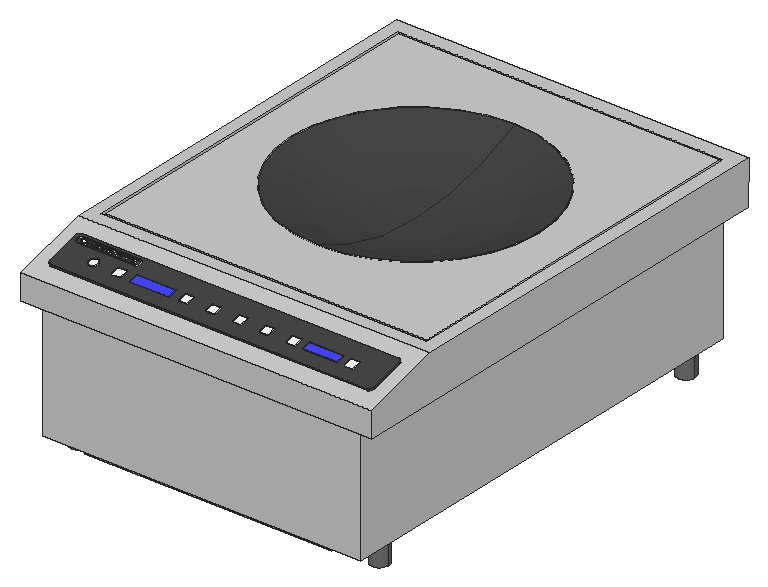
Revit family "QF_ADVENTYS_BWIC_3000_250902032202", category Specialty Equipment, Revit 2021
Family settings
  Round Connector Dimension = Use Diameter
  Part Type = Normal
  OmniClass Number = 23.40.40.14
  OmniClass Title = Food Service Equipment
  Work Plane-Based = No
  Always vertical = Yes
  Cut with Voids When Loaded = No
  Shared = No
  Room Calculation Point = No
Parameters (values of type "ADV2147")
  Weight in Pounds [instance] = 0
  Weight = 10.00 kg
  Warranty Start Date [instance] = ""
  Warranty Duration [instance] = ""
  Volts [instance] = 230 V
  URL Recommended Spares List = ""
  URL Manufacturer = ""
  URL Cutsheet = ""
  URL Critical Spares List = ""
  URL = "www.adventys.com"
  Tag Number [instance] = ""
  Status [instance] = ""
  Specification by User [instance] = ""
  Specification by Manufacturer [instance] = ""
  Sound Level [instance] = ""
  Solid Fuel Type [instance] = ""
  Service Life Duration [instance] = ""
  Serial Number [instance] = ""
  Seismic Rating [instance] = ""
  SMACNA No [instance] = ""
  Revision Code [instance] = ""
  Revision [instance] = ""
  Production Year [instance] = ""
  Point Load [instance] = 0
  Phase [instance] = 1
  Other Equipment Approvals [instance] = ""
  Number of Poles [instance] = 2
  NAFEM Spec ID Number [instance] = ""
  Model Warning [instance] = ""
  Model = "BWIC 3000"
  Min Ckt Ampacity [instance] = 0 A
  Max Overcurrent Protection [instance] = 16 A
  Masterspec [instance] = ""
  Manufacturer = "ADVENTYS"
  Length Actual = 392 mm
  Item Number [instance] = ""
  Installed By [instance] = ""
  Installation Date [instance] = ""
  Identify Quantity as Lot [instance] = no
  ID [instance] = ""
  Hygiene Approval [instance] = ""
  Hot Water Consumption = 0.0 L/s
  Height Actual = 206 mm
  HP power [instance] = ""
  Furnished By [instance] = ""
  Foodservice Equipment Identifier [instance] = no
  FL Amps [instance] = 13 A
  Electrical Remarks [instance] = "Plug not included"
  Electric power [instance] = 0 W
  Electric Connection Type [instance] = "Cord&Plug"
  Elec Conn RI Height [instance] = 0 mm
  Elec Conn Connection Height [instance] = 0 mm
  ETL Approved [instance] = no
  Description = "FREE-STANDING INDUCTION WOK"
  Depth Actual = 526 mm
  Default Elevation = 0 mm
  Cycle [instance] = 50 Hz
  Cost = 2215
  Conn Plug [instance] = ""
  Conn Conduit [instance] = no
  CSI MasterFormat [instance] = ""
  CE Approved [instance] = no
  Barcode [instance] = 0
  Author [instance] = ""
  Asset Identifier [instance] = ""
  Apparent Power [instance] = 3000 VA
  Accessory = no
Reference planes
  plane 1 "Center (Front/Back)": y = 0
  plane 2: z = 0
  plane 3 "Center (Left/Right)": x = 0
Forms (mm)
  Extrusion 1, solid, not visible
    sketch origin (328.016, -72.004, 18.001) x (1, 0, 0) y (0, 1, 0)
      loop
        line (-2, 2) -> (-2, -2) -> (2, -2) -> (2, 2) -> (-2, 2)
    from -2 to 2
Dimensions and locks
  locked: nested 2 to Extrusion 1 at 2  (x2)
  aligned and locked: level to plane 2
Nested families
  nested 1: "QF_ADVENTYS_ADV2147_2916" at (0, 0, 0), type "ADV2147"
    with Status "", Show Logo yes, Show Clearance yes
  nested 2: "CONN_POINT_ELE_2D___Generic_Annotation" at (328.016, -72.004, 16.001), type "CONN_POINT_ELE_2D___Generic_Annotation"
    with Onboard connection annotation symbol visibility yes
Connectors
  electrical at (328.016, -72.004, 16.001), driven by "Apparent Power", driven by "Number of Poles", driven by "Volts"
    settings: on Extrusion 1, index 1, voltage 230 V, apparent load 0 VA, apparent load phase1 3000 VA, apparent load phase2 0 VA, apparent load phase3 0 VA, power factor 1, load classification "Other", number of poles 2, system type 31, power factor state 1, is connector primary yes, connector utility no, sub classification motor no, connector description "Electrical connection for BWIC 3000"
Definition of nested family "QF_ADVENTYS_ADV2147_2916"
  Parameters (values of type "ADV2148")
    URL = "www.adventys.com"
    Status [instance] = ""
    Show Logo [instance] = yes
    Show Clearance [instance] = yes
    Model = "BWIC 3600"
    Manufacturer = "ADVENTYS"
    Description = "FREE-STANDING INDUCTION WOK"
    Default Elevation = 0 mm
    Author = "SPECIFI"
    Assembly Code = "E1090320"
  Types (2, lengths in mm): name | Model
    ADV2147 | "BWIC 3000"
    ADV2148 | "BWIC 3600"
  Reference planes
    plane 1 "Back": y = 0
    plane 2: z = 0
    plane 3 "Left": x = 0
    plane 4 "Right": x = 392
    plane 5 "Front": y = -526
    plane 6 "Top": z = 206
  Forms (mm)
    Extrusion 1, solid
      sketch origin (0, 0, 0) x (1, 0, 0) y (0, 1, 0)
        loop
          line (15.828, -10.21) -> (15.828, -515) -> (371.364, -515) -> (371.364, -10.21) -> (15.828, -10.21)
      from 21.787 to 156
    Extrusion 2, solid
      sketch origin (-9.375, -68.75, 0) x (1, 0, 0) y (0, 1, 0)
        loop
          circle (35.053, -407.215) r 10
      from 0 to 21.787
    Extrusion 3, solid
      sketch origin (326.25, -68.75, 0) x (1, 0, 0) y (0, 1, 0)
        loop
          circle (35.053, -407.215) r 10
      from 0 to 21.787
    Extrusion 4, solid
      sketch origin (326.25, 358.75, 0) x (1, 0, 0) y (0, 1, 0)
        loop
          circle (35.053, -407.215) r 10
      from 0 to 21.787
    Extrusion 5, solid
      sketch origin (0, 0, 0) x (0, 1, 0) y (0, 0, 1)
        loop
          line (-341, 21.787) -> (-502.47, 21.787) -> (-502.47, 11.787) -> (-341, 11.787) -> (-341, 21.787)
      from 53.604 to 328.859
    Extrusion 6, solid
      sketch origin (-9.375, 358.75, 0) x (1, 0, 0) y (0, 1, 0)
        loop
          circle (35.053, -407.215) r 10
      from 0 to 21.787
    Extrusion 7, solid
      sketch origin (0, -550, 28.399) x (0, 1, 0) y (0, 0, 1)
        loop
          line (105.13, 177.601) -> (24, 155.863) -> (24, 127.601) -> (539.79, 127.601) -> (550, 127.601) -> (550, 177.601) -> (105.13, 177.601)
      from 0 to 392
    Extrusion 8, void
      sketch origin (0, 550, 28.399) x (1, 0, 0) y (0, 1, 0)
        loop
          circle (195, -768.023) r 137.862
        loop
          line (13.2, -565.546) -> (13.2, -980.546) -> (377.593, -980.546) -> (377.593, -565.546) -> (13.2, -565.546)
        loop
          line (16.2, -568.546) -> (16.2, -977.546) -> (374.593, -977.546) -> (374.593, -568.546) -> (16.2, -568.546)
      from 139.493 to 177.601
    Extrusion 9, solid
      sketch origin (277.428, -13.777, 0) x (1, 0, 0) y (0, 1, 0)
        loop
          circle (50.572, -58.223) r 15
      from 15.423 to 21.787
    Revolve 10, solid
      sketch origin (195, -40.523, 96) x (0, 1, 0) y (0, 0, 1)
        loop
          line (-177.5, 76) -> (-177.5, 75)
          arc (-177.5, 75) -> (-106.519, 83.592) -> (-39.638, 108.871) r 297.5
          line (-39.638, 108.871) -> (-39.638, 110)
          arc (-39.638, 110) -> (-106.504, 84.625) -> (-177.5, 76) r 296.5
        axis (-177.5, 110) -> (-177.5, 75)
      angle from 0 to 360
    Extrusion 11, solid
      sketch origin (41, -114.666, 146.434) x (1, 0, 0) y (0, 0.965926, 0.258819)
        loop
          arc (-21, -323.032) -> (-24.536, -324.496) -> (-26, -328.032) r 5
          line (-26, -328.032) -> (-26, -363.032)
          arc (-26, -363.032) -> (-24.536, -366.568) -> (-21, -368.032) r 5
          line (-21, -368.032) -> (331, -368.032)
          arc (331, -368.032) -> (334.536, -366.568) -> (336, -363.032) r 5
          line (336, -363.032) -> (336, -328.032)
          arc (336, -328.032) -> (334.536, -324.496) -> (331, -323.032) r 5
          line (331, -323.032) -> (-21, -323.032)
        loop
          circle (10.799, -348.029) r 5
        loop
          line (34.385, -344.032) -> (34.385, -352.032)
          arc (34.385, -352.032) -> (34.678, -352.739) -> (35.385, -353.032) r 1
          line (35.385, -353.032) -> (43.385, -353.032)
          arc (43.385, -353.032) -> (44.092, -352.739) -> (44.385, -352.032) r 1
          line (44.385, -352.032) -> (44.385, -344.032)
          arc (44.385, -344.032) -> (44.092, -343.325) -> (43.385, -343.032) r 1
          line (43.385, -343.032) -> (35.385, -343.032)
          arc (35.385, -343.032) -> (34.678, -343.325) -> (34.385, -344.032) r 1
        loop
          line (109.385, -344.032) -> (109.385, -352.032)
          arc (109.385, -352.032) -> (109.678, -352.739) -> (110.385, -353.032) r 1
          line (110.385, -353.032) -> (118.385, -353.032)
          arc (118.385, -353.032) -> (119.092, -352.739) -> (119.385, -352.032) r 1
          line (119.385, -352.032) -> (119.385, -344.032)
          arc (119.385, -344.032) -> (119.092, -343.325) -> (118.385, -343.032) r 1
          line (118.385, -343.032) -> (110.385, -343.032)
          arc (110.385, -343.032) -> (109.678, -343.325) -> (109.385, -344.032) r 1
        loop
          line (139.385, -344.032) -> (139.385, -352.032)
          arc (139.385, -352.032) -> (139.678, -352.739) -> (140.385, -353.032) r 1
          line (140.385, -353.032) -> (148.385, -353.032)
          arc (148.385, -353.032) -> (149.092, -352.739) -> (149.385, -352.032) r 1
          line (149.385, -352.032) -> (149.385, -344.032)
          arc (149.385, -344.032) -> (149.092, -343.325) -> (148.385, -343.032) r 1
          line (148.385, -343.032) -> (140.385, -343.032)
          arc (140.385, -343.032) -> (139.678, -343.325) -> (139.385, -344.032) r 1
        loop
          line (169.385, -344.032) -> (169.385, -352.032)
          arc (169.385, -352.032) -> (169.678, -352.739) -> (170.385, -353.032) r 1
          line (170.385, -353.032) -> (178.385, -353.032)
          arc (178.385, -353.032) -> (179.092, -352.739) -> (179.385, -352.032) r 1
          line (179.385, -352.032) -> (179.385, -344.032)
          arc (179.385, -344.032) -> (179.092, -343.325) -> (178.385, -343.032) r 1
          line (178.385, -343.032) -> (170.385, -343.032)
          arc (170.385, -343.032) -> (169.678, -343.325) -> (169.385, -344.032) r 1
        loop
          line (199.385, -344.032) -> (199.385, -352.032)
          arc (199.385, -352.032) -> (199.678, -352.739) -> (200.385, -353.032) r 1
          line (200.385, -353.032) -> (208.385, -353.032)
          arc (208.385, -353.032) -> (209.092, -352.739) -> (209.385, -352.032) r 1
          line (209.385, -352.032) -> (209.385, -344.032)
          arc (209.385, -344.032) -> (209.092, -343.325) -> (208.385, -343.032) r 1
          line (208.385, -343.032) -> (200.385, -343.032)
          arc (200.385, -343.032) -> (199.678, -343.325) -> (199.385, -344.032) r 1
        loop
          line (229.385, -344.032) -> (229.385, -352.032)
          arc (229.385, -352.032) -> (229.678, -352.739) -> (230.385, -353.032) r 1
          line (230.385, -353.032) -> (238.385, -353.032)
          arc (238.385, -353.032) -> (239.092, -352.739) -> (239.385, -352.032) r 1
          line (239.385, -352.032) -> (239.385, -344.032)
          arc (239.385, -344.032) -> (239.092, -343.325) -> (238.385, -343.032) r 1
          line (238.385, -343.032) -> (230.385, -343.032)
          arc (230.385, -343.032) -> (229.678, -343.325) -> (229.385, -344.032) r 1
        loop
          line (294.385, -344.032) -> (294.385, -352.032)
          arc (294.385, -352.032) -> (294.678, -352.739) -> (295.385, -353.032) r 1
          line (295.385, -353.032) -> (303.385, -353.032)
          arc (303.385, -353.032) -> (304.092, -352.739) -> (304.385, -352.032) r 1
          line (304.385, -352.032) -> (304.385, -344.032)
          arc (304.385, -344.032) -> (304.092, -343.325) -> (303.385, -343.032) r 1
          line (303.385, -343.032) -> (295.385, -343.032)
          arc (295.385, -343.032) -> (294.678, -343.325) -> (294.385, -344.032) r 1
        loop
          line (247.896, -343.032) -> (247.896, -353.032) -> (285.857, -353.032) -> (285.857, -343.032) -> (247.896, -343.032)
        loop
          line (55.396, -343.032) -> (55.396, -353.032) -> (98.982, -353.032) -> (98.982, -343.032) -> (55.396, -343.032)
      from 143 to 145
    Extrusion 12, solid
      sketch origin (41, -114.666, 146.434) x (1, 0, 0) y (0, 0.965926, 0.258819)
        loop
          circle (10.635, -348.032) r 5
        loop
          arc (35.385, -343.032) -> (34.678, -343.325) -> (34.385, -344.032) r 1
          line (34.385, -344.032) -> (34.385, -352.032)
          arc (34.385, -352.032) -> (34.678, -352.739) -> (35.385, -353.032) r 1
          line (35.385, -353.032) -> (43.385, -353.032)
          arc (43.385, -353.032) -> (44.092, -352.739) -> (44.385, -352.032) r 1
          line (44.385, -352.032) -> (44.385, -344.032)
          arc (44.385, -344.032) -> (44.092, -343.325) -> (43.385, -343.032) r 1
          line (43.385, -343.032) -> (35.385, -343.032)
        loop
          arc (110.385, -343.032) -> (109.678, -343.325) -> (109.385, -344.032) r 1
          line (109.385, -344.032) -> (109.385, -352.032)
          arc (109.385, -352.032) -> (109.678, -352.739) -> (110.385, -353.032) r 1
          line (110.385, -353.032) -> (118.385, -353.032)
          arc (118.385, -353.032) -> (119.092, -352.739) -> (119.385, -352.032) r 1
          line (119.385, -352.032) -> (119.385, -344.032)
          arc (119.385, -344.032) -> (119.092, -343.325) -> (118.385, -343.032) r 1
          line (118.385, -343.032) -> (110.385, -343.032)
        loop
          arc (140.385, -343.032) -> (139.678, -343.325) -> (139.385, -344.032) r 1
          line (139.385, -344.032) -> (139.385, -352.032)
          arc (139.385, -352.032) -> (139.678, -352.739) -> (140.385, -353.032) r 1
          line (140.385, -353.032) -> (148.385, -353.032)
          arc (148.385, -353.032) -> (149.092, -352.739) -> (149.385, -352.032) r 1
          line (149.385, -352.032) -> (149.385, -344.032)
          arc (149.385, -344.032) -> (149.092, -343.325) -> (148.385, -343.032) r 1
          line (148.385, -343.032) -> (140.385, -343.032)
        loop
          arc (170.385, -343.032) -> (169.678, -343.325) -> (169.385, -344.032) r 1
          line (169.385, -344.032) -> (169.385, -352.032)
          arc (169.385, -352.032) -> (169.678, -352.739) -> (170.385, -353.032) r 1
          line (170.385, -353.032) -> (178.385, -353.032)
          arc (178.385, -353.032) -> (179.092, -352.739) -> (179.385, -352.032) r 1
          line (179.385, -352.032) -> (179.385, -344.032)
          arc (179.385, -344.032) -> (179.092, -343.325) -> (178.385, -343.032) r 1
          line (178.385, -343.032) -> (170.385, -343.032)
        loop
          arc (200.385, -343.032) -> (199.678, -343.325) -> (199.385, -344.032) r 1
          line (199.385, -344.032) -> (199.385, -352.032)
          arc (199.385, -352.032) -> (199.678, -352.739) -> (200.385, -353.032) r 1
          line (200.385, -353.032) -> (208.385, -353.032)
          arc (208.385, -353.032) -> (209.092, -352.739) -> (209.385, -352.032) r 1
          line (209.385, -352.032) -> (209.385, -344.032)
          arc (209.385, -344.032) -> (209.092, -343.325) -> (208.385, -343.032) r 1
          line (208.385, -343.032) -> (200.385, -343.032)
        loop
          arc (230.385, -343.032) -> (229.678, -343.325) -> (229.385, -344.032) r 1
          line (229.385, -344.032) -> (229.385, -352.032)
          arc (229.385, -352.032) -> (229.678, -352.739) -> (230.385, -353.032) r 1
          line (230.385, -353.032) -> (238.385, -353.032)
          arc (238.385, -353.032) -> (239.092, -352.739) -> (239.385, -352.032) r 1
          line (239.385, -352.032) -> (239.385, -344.032)
          arc (239.385, -344.032) -> (239.092, -343.325) -> (238.385, -343.032) r 1
          line (238.385, -343.032) -> (230.385, -343.032)
        loop
          arc (295.385, -343.032) -> (294.678, -343.325) -> (294.385, -344.032) r 1
          line (294.385, -344.032) -> (294.385, -352.032)
          arc (294.385, -352.032) -> (294.678, -352.739) -> (295.385, -353.032) r 1
          line (295.385, -353.032) -> (303.385, -353.032)
          arc (303.385, -353.032) -> (304.092, -352.739) -> (304.385, -352.032) r 1
          line (304.385, -352.032) -> (304.385, -344.032)
          arc (304.385, -344.032) -> (304.092, -343.325) -> (303.385, -343.032) r 1
          line (303.385, -343.032) -> (295.385, -343.032)
      from 143 to 145
    Extrusion 13, solid, visible <- "Show Logo"
      sketch origin (-63.557, -15.93, 139.999) x (1, 0, 0) y (0, 0.965926, 0.258819)
        loop
          arc (88.581, -421.313) -> (88.113, -421.507) -> (87.92, -421.974) r 0.661
          line (87.92, -421.974) -> (87.92, -423.61)
          arc (87.92, -423.61) -> (88.124, -424.087) -> (88.609, -424.27) r 0.661
          line (88.609, -424.27) -> (88.609, -423.032)
          arc (88.609, -423.032) -> (88.952, -422.351) -> (89.662, -422.077) r 1.058
          line (89.662, -422.077) -> (92.486, -422.077)
          arc (92.486, -422.077) -> (92.335, -421.544) -> (91.833, -421.313) r 0.661
          line (91.833, -421.313) -> (88.581, -421.313)
        loop
          arc (88.581, -420.916) -> (87.833, -421.226) -> (87.523, -421.974) r 1.058
          line (87.523, -421.974) -> (87.523, -423.61)
          arc (87.523, -423.61) -> (87.843, -424.368) -> (88.609, -424.667) r 1.058
          arc (88.609, -424.667) -> (88.88, -425.483) -> (89.667, -425.828) r 1.058
          arc (89.667, -425.828) -> (89.974, -426.583) -> (90.725, -426.896) r 1.058
          line (90.725, -426.896) -> (93.719, -426.896)
          arc (93.719, -426.896) -> (94.467, -426.586) -> (94.777, -425.838) r 1.058
          line (94.777, -425.838) -> (94.777, -424.306)
          arc (94.777, -424.306) -> (94.463, -423.554) -> (93.708, -423.248) r 1.058
          arc (93.708, -423.248) -> (93.515, -422.517) -> (92.883, -422.101) r 1.058
          arc (92.883, -422.101) -> (92.625, -421.273) -> (91.833, -420.916) r 1.058
          line (91.833, -420.916) -> (88.581, -420.916)
        loop
          arc (93.719, -426.499) -> (94.187, -426.306) -> (94.38, -425.838) r 0.661
          line (94.38, -425.838) -> (94.38, -424.306)
          arc (94.38, -424.306) -> (94.185, -423.837) -> (93.714, -423.645) r 0.661
          line (93.714, -423.645) -> (93.714, -424.77)
          arc (93.714, -424.77) -> (93.404, -425.518) -> (92.656, -425.828) r 1.058
          line (92.656, -425.828) -> (90.064, -425.828)
          arc (90.064, -425.828) -> (90.254, -426.302) -> (90.725, -426.499) r 0.661
          line (90.725, -426.499) -> (93.719, -426.499)
        loop
          arc (95.546, -425.156) -> (95.587, -425.684) -> (96.116, -425.67) r 0.384
          line (96.116, -425.67) -> (96.845, -424.94) -> (99.743, -424.94) -> (100.472, -425.67)
          arc (100.472, -425.67) -> (101.001, -425.684) -> (101.042, -425.156) r 0.384
          line (101.042, -425.156) -> (98.294, -421.762) -> (95.546, -425.156)
        loop
          line (98.294, -423.127) -> (97.364, -424.275) -> (99.224, -424.275) -> (98.294, -423.127)
        loop
          line (102.315, -421.827) -> (102.315, -425.732) -> (105.995, -425.732)
          arc (105.995, -425.732) -> (107.947, -423.78) -> (105.995, -421.827) r 1.953
          line (105.995, -421.827) -> (102.315, -421.827)
        loop
          line (105.995, -422.854) -> (103.343, -422.854) -> (103.343, -424.705) -> (105.995, -424.705)
          arc (105.995, -424.705) -> (106.92, -423.78) -> (105.995, -422.854) r 0.925
        loop
          arc (109.84, -422.053) -> (109.312, -422.039) -> (109.27, -422.566) r 0.384
          line (109.27, -422.566) -> (112.019, -425.961) -> (114.767, -422.566)
          arc (114.767, -422.566) -> (114.725, -422.039) -> (114.197, -422.053) r 0.384
          line (114.197, -422.053) -> (112.019, -424.743) -> (109.84, -422.053)
        loop
          line (121.269, -421.781) -> (116.07, -421.781) -> (116.07, -425.732) -> (121.269, -425.732)
          arc (121.269, -425.732) -> (121.671, -425.331) -> (121.269, -424.93) r 0.401
          line (121.269, -424.93) -> (116.972, -424.93) -> (116.972, -424.139) -> (121.269, -424.139)
          arc (121.269, -424.139) -> (121.633, -423.775) -> (121.269, -423.412) r 0.363
          line (121.269, -423.412) -> (116.972, -423.412) -> (116.972, -422.583) -> (121.269, -422.583)
          arc (121.269, -422.583) -> (121.671, -422.182) -> (121.269, -421.781) r 0.401
        loop
          line (122.879, -422.331) -> (122.879, -425.274)
          arc (122.879, -425.274) -> (123.306, -425.701) -> (123.733, -425.274) r 0.427
          line (123.733, -425.274) -> (123.733, -423.122) -> (127.538, -425.5)
          arc (127.538, -425.5) -> (128.155, -425.516) -> (128.468, -424.984) r 0.608
          line (128.468, -424.984) -> (128.468, -422.254)
          arc (128.468, -422.254) -> (128.018, -421.804) -> (127.568, -422.254) r 0.45
          line (127.568, -422.254) -> (127.568, -424.337) -> (123.663, -421.897)
          arc (123.663, -421.897) -> (123.143, -421.883) -> (122.879, -422.331) r 0.513
        loop
          arc (130.273, -421.857) -> (129.778, -422.352) -> (130.273, -422.846) r 0.494
          line (130.273, -422.846) -> (132.065, -422.846) -> (132.065, -425.082)
          arc (132.065, -425.082) -> (132.54, -425.558) -> (133.016, -425.082) r 0.475
          line (133.016, -425.082) -> (133.016, -422.846) -> (134.724, -422.846)
          arc (134.724, -422.846) -> (135.218, -422.352) -> (134.724, -421.857) r 0.494
          line (134.724, -421.857) -> (130.273, -421.857)
        loop
          line (139.461, -423.175) -> (137.5, -421.853)
          arc (137.5, -421.853) -> (136.836, -421.982) -> (136.965, -422.646) r 0.479
          line (136.965, -422.646) -> (138.926, -423.969) -> (138.926, -425.108)
          arc (138.926, -425.108) -> (139.461, -425.643) -> (139.997, -425.108) r 0.535
          line (139.997, -425.108) -> (139.997, -423.969) -> (141.958, -422.646)
          arc (141.958, -422.646) -> (142.087, -421.982) -> (141.423, -421.853) r 0.479
          line (141.423, -421.853) -> (139.461, -423.175)
        loop
          line (148.501, -421.857) -> (144.795, -421.857)
          arc (144.795, -421.857) -> (143.661, -422.991) -> (144.795, -424.125) r 1.134
          line (144.795, -424.125) -> (147.852, -424.125)
          arc (147.852, -424.125) -> (148.265, -424.538) -> (147.852, -424.951) r 0.413
          line (147.852, -424.951) -> (144.128, -424.951)
          arc (144.128, -424.951) -> (143.786, -425.292) -> (144.128, -425.634) r 0.342
          line (144.128, -425.634) -> (148.218, -425.634)
          arc (148.218, -425.634) -> (148.994, -424.394) -> (147.885, -423.44) r 1.122
          line (147.885, -423.44) -> (144.736, -423.44)
          arc (144.736, -423.44) -> (144.286, -422.99) -> (144.736, -422.541) r 0.45
          line (144.736, -422.541) -> (148.501, -422.541)
          arc (148.501, -422.541) -> (148.843, -422.199) -> (148.501, -421.857) r 0.342
        loop
          arc (87.442, -420.162) -> (83.674, -423.931) -> (87.442, -427.699) r 3.769
          line (87.442, -427.699) -> (150.103, -427.699)
          arc (150.103, -427.699) -> (153.872, -423.931) -> (150.103, -420.162) r 3.769
          line (150.103, -420.162) -> (87.442, -420.162)
        loop
          arc (87.442, -419.771) -> (83.283, -423.931) -> (87.442, -428.091) r 4.16
          line (87.442, -428.091) -> (150.103, -428.091)
          arc (150.103, -428.091) -> (154.263, -423.931) -> (150.103, -419.771) r 4.16
          line (150.103, -419.771) -> (87.442, -419.771)
      from 176.77 to 176.97
    Extrusion 14, solid
      sketch origin (61, -114.666, 146.434) x (1, 0, 0) y (0, 0.965926, 0.258819)
        loop
          line (35.396, -343.032) -> (35.396, -353.032) -> (78.982, -353.032) -> (78.982, -343.032) -> (35.396, -343.032)
        loop
          line (227.896, -343.032) -> (227.896, -353.032) -> (265.857, -353.032) -> (265.857, -343.032) -> (227.896, -343.032)
      from 143 to 145
    Extrusion 15, void
      sketch origin (0, 0, 0) x (1, 0, 0) y (0, 1, 0)
        loop
          line (0, 0) -> (0, -526) -> (392, -526) -> (392, 0) -> (0, 0)
      from 0 to 156
  Cuts and joins
    Extrusion 8 cuts Extrusion 7
  Lines and regions (mm)
    symbolic lines
      curve 1: line (0, 0, 0) -> (392, 0, 0)
      curve 2: line (392, 0, 0) -> (392, -526, 0)
      curve 3: line (392, -526, 0) -> (0, -526, 0)
      curve 4: line (0, -526, 0) -> (0, 0, 0)
      curve 5: line (0, -444.87, 0) -> (392, -444.87, 0)
      curve 6: line (13.2, -430.546, 0) -> (377.593, -430.546, 0)
      curve 7: line (374.593, -427.546, 0) -> (16.2, -427.546, 0)
      curve 8: line (377.593, -430.546, 0) -> (377.593, -15.546, 0)
      curve 9: line (374.593, -18.546, 0) -> (374.593, -427.546, 0)
      curve 10: line (377.593, -15.546, 0) -> (13.2, -15.546, 0)
      curve 11: line (16.2, -18.546, 0) -> (374.593, -18.546, 0)
      curve 12: line (16.2, -427.546, 0) -> (16.2, -18.546, 0)
      curve 13: line (13.2, -15.546, 0) -> (13.2, -430.546, 0)
      curve 14: arc (195, -80.161, 0) -> (57.138, -218.023, 0) -> (195, -355.885, 0) r 137.862
      curve 15: arc (195, -355.885, 0) -> (332.862, -218.023, 0) -> (195, -80.161, 0) r 137.862
      curve 16: spline (20, -464.219, 0) -> (19.347, -464.261, 0) -> (18.706, -464.384, 0) -> (18.087, -464.587, 0) -> (17.5, -464.866, 0) -> (16.956, -465.217, 0) -> (16.464, -465.634, 0) -> (16.033, -466.109, 0) -> (15.67, -466.634, 0) -> (15.381, -467.201, 0) -> (15.17, -467.799, 0) -> (15.043, -468.419, 0) -> (15, -469.049, 0)
      curve 17: line (372, -464.219, 0) -> (20, -464.219, 0)
      curve 18: line (15, -469.049, 0) -> (15, -502.856, 0)
      curve 19: spline (15, -502.856, 0) -> (15.043, -503.487, 0) -> (15.17, -504.106, 0) -> (15.381, -504.705, 0) -> (15.67, -505.271, 0) -> (16.033, -505.796, 0) -> (16.464, -506.271, 0) -> (16.956, -506.688, 0) -> (17.5, -507.039, 0) -> (18.087, -507.318, 0) -> (18.706, -507.521, 0) -> (19.347, -507.645, 0) -> (20, -507.686, 0)
      curve 20: line (20, -507.686, 0) -> (372, -507.686, 0)
      curve 21: spline (372, -507.686, 0) -> (372.653, -507.645, 0) -> (373.294, -507.521, 0) -> (373.913, -507.318, 0) -> (374.5, -507.039, 0) -> (375.044, -506.688, 0) -> (375.536, -506.271, 0) -> (375.967, -505.796, 0) -> (376.33, -505.271, 0) -> (376.619, -504.705, 0) -> (376.83, -504.106, 0) -> (376.957, -503.487, 0) -> (377, -502.856, 0)
      curve 22: line (377, -502.856, 0) -> (377, -469.049, 0)
      curve 23: spline (377, -469.049, 0) -> (376.957, -468.419, 0) -> (376.83, -467.799, 0) -> (376.619, -467.201, 0) -> (376.33, -466.634, 0) -> (375.967, -466.109, 0) -> (375.536, -465.634, 0) -> (375.044, -465.217, 0) -> (374.5, -464.866, 0) -> (373.913, -464.587, 0) -> (373.294, -464.384, 0) -> (372.653, -464.261, 0) -> (372, -464.219, 0)
      curve 24: line (345.385, -492.231, 0) -> (345.385, -484.504, 0)
      curve 25: spline (345.385, -484.504, 0) -> (345.376, -484.378, 0) -> (345.351, -484.254, 0) -> (345.309, -484.134, 0) -> (345.251, -484.021, 0) -> (345.178, -483.916, 0) -> (345.092, -483.821, 0) -> (344.993, -483.737, 0) -> (344.885, -483.667, 0) -> (344.767, -483.611, 0) -> (344.643, -483.571, 0) -> (344.515, -483.546, 0) -> (344.385, -483.538, 0)
      curve 26: line (344.385, -483.538, 0) -> (336.385, -483.538, 0)
      curve 27: spline (336.385, -483.538, 0) -> (336.254, -483.546, 0) -> (336.126, -483.571, 0) -> (336.002, -483.611, 0) -> (335.885, -483.667, 0) -> (335.776, -483.737, 0) -> (335.678, -483.821, 0) -> (335.591, -483.916, 0) -> (335.519, -484.021, 0) -> (335.461, -484.134, 0) -> (335.419, -484.254, 0) -> (335.393, -484.378, 0) -> (335.385, -484.504, 0)
      curve 28: line (335.385, -484.504, 0) -> (335.385, -492.231, 0)
      curve 29: spline (336.385, -493.197, 0) -> (336.254, -493.189, 0) -> (336.126, -493.164, 0) -> (336.002, -493.124, 0) -> (335.885, -493.068, 0) -> (335.776, -492.998, 0) -> (335.678, -492.914, 0) -> (335.591, -492.819, 0) -> (335.519, -492.714, 0) -> (335.461, -492.601, 0) -> (335.419, -492.481, 0) -> (335.393, -492.357, 0) -> (335.385, -492.231, 0)
      curve 30: line (336.385, -493.197, 0) -> (344.385, -493.197, 0)
      curve 31: spline (344.385, -493.197, 0) -> (344.515, -493.189, 0) -> (344.643, -493.164, 0) -> (344.767, -493.124, 0) -> (344.885, -493.068, 0) -> (344.993, -492.998, 0) -> (345.092, -492.914, 0) -> (345.178, -492.819, 0) -> (345.251, -492.714, 0) -> (345.309, -492.601, 0) -> (345.351, -492.481, 0) -> (345.376, -492.357, 0) -> (345.385, -492.231, 0)
      curve 32: line (326.857, -493.197, 0) -> (326.857, -483.538, 0)
      curve 33: line (326.857, -483.538, 0) -> (288.896, -483.538, 0)
      curve 34: line (288.896, -493.197, 0) -> (326.857, -493.197, 0)
      curve 35: line (288.896, -483.538, 0) -> (288.896, -493.197, 0)
      curve 36: spline (56.635, -488.368, 0) -> (56.464, -487.118, 0) -> (55.965, -485.953, 0) -> (55.17, -484.952, 0) -> (54.135, -484.185, 0) -> (52.929, -483.702, 0) -> (51.635, -483.538, 0) -> (50.341, -483.702, 0) -> (49.135, -484.185, 0) -> (48.099, -484.952, 0) -> (47.305, -485.953, 0) -> (46.805, -487.118, 0) -> (46.635, -488.368, 0)
      curve 37: spline (46.635, -488.368, 0) -> (46.805, -489.618, 0) -> (47.305, -490.782, 0) -> (48.099, -491.783, 0) -> (49.135, -492.55, 0) -> (50.341, -493.033, 0) -> (51.635, -493.197, 0) -> (52.929, -493.033, 0) -> (54.135, -492.55, 0) -> (55.17, -491.783, 0) -> (55.965, -490.782, 0) -> (56.464, -489.618, 0) -> (56.635, -488.368, 0)
      curve 38: line (139.982, -483.538, 0) -> (96.396, -483.538, 0)
      curve 39: line (96.396, -483.538, 0) -> (96.396, -493.197, 0)
      curve 40: line (96.396, -493.197, 0) -> (139.982, -493.197, 0)
      curve 41: line (139.982, -493.197, 0) -> (139.982, -483.538, 0)
      curve 42: line (280.385, -492.231, 0) -> (280.385, -484.504, 0)
      curve 43: spline (280.385, -484.504, 0) -> (280.376, -484.378, 0) -> (280.351, -484.254, 0) -> (280.309, -484.134, 0) -> (280.251, -484.021, 0) -> (280.178, -483.916, 0) -> (280.092, -483.821, 0) -> (279.993, -483.737, 0) -> (279.885, -483.667, 0) -> (279.767, -483.611, 0) -> (279.643, -483.571, 0) -> (279.515, -483.546, 0) -> (279.385, -483.538, 0)
      curve 44: line (279.385, -483.538, 0) -> (271.385, -483.538, 0)
      curve 45: spline (271.385, -483.538, 0) -> (271.254, -483.546, 0) -> (271.126, -483.571, 0) -> (271.002, -483.611, 0) -> (270.885, -483.667, 0) -> (270.776, -483.737, 0) -> (270.678, -483.821, 0) -> (270.591, -483.916, 0) -> (270.519, -484.021, 0) -> (270.461, -484.134, 0) -> (270.419, -484.254, 0) -> (270.393, -484.378, 0) -> (270.385, -484.504, 0)
      curve 46: line (270.385, -484.504, 0) -> (270.385, -492.231, 0)
      curve 47: spline (271.385, -493.197, 0) -> (271.254, -493.189, 0) -> (271.126, -493.164, 0) -> (271.002, -493.124, 0) -> (270.885, -493.068, 0) -> (270.776, -492.998, 0) -> (270.678, -492.914, 0) -> (270.591, -492.819, 0) -> (270.519, -492.714, 0) -> (270.461, -492.601, 0) -> (270.419, -492.481, 0) -> (270.393, -492.357, 0) -> (270.385, -492.231, 0)
      curve 48: line (271.385, -493.197, 0) -> (279.385, -493.197, 0)
      curve 49: spline (279.385, -493.197, 0) -> (279.515, -493.189, 0) -> (279.643, -493.164, 0) -> (279.767, -493.124, 0) -> (279.885, -493.068, 0) -> (279.993, -492.998, 0) -> (280.092, -492.914, 0) -> (280.178, -492.819, 0) -> (280.251, -492.714, 0) -> (280.309, -492.601, 0) -> (280.351, -492.481, 0) -> (280.376, -492.357, 0) -> (280.385, -492.231, 0)
      curve 50: line (250.385, -492.231, 0) -> (250.385, -484.504, 0)
      curve 51: spline (250.385, -484.504, 0) -> (250.376, -484.378, 0) -> (250.351, -484.254, 0) -> (250.309, -484.134, 0) -> (250.251, -484.021, 0) -> (250.178, -483.916, 0) -> (250.092, -483.821, 0) -> (249.993, -483.737, 0) -> (249.885, -483.667, 0) -> (249.767, -483.611, 0) -> (249.643, -483.571, 0) -> (249.515, -483.546, 0) -> (249.385, -483.538, 0)
      curve 52: line (249.385, -483.538, 0) -> (241.385, -483.538, 0)
      curve 53: spline (241.385, -483.538, 0) -> (241.254, -483.546, 0) -> (241.126, -483.571, 0) -> (241.002, -483.611, 0) -> (240.885, -483.667, 0) -> (240.776, -483.737, 0) -> (240.678, -483.821, 0) -> (240.591, -483.916, 0) -> (240.519, -484.021, 0) -> (240.461, -484.134, 0) -> (240.419, -484.254, 0) -> (240.393, -484.378, 0) -> (240.385, -484.504, 0)
      curve 54: line (240.385, -484.504, 0) -> (240.385, -492.231, 0)
      curve 55: spline (241.385, -493.197, 0) -> (241.254, -493.189, 0) -> (241.126, -493.164, 0) -> (241.002, -493.124, 0) -> (240.885, -493.068, 0) -> (240.776, -492.998, 0) -> (240.678, -492.914, 0) -> (240.591, -492.819, 0) -> (240.519, -492.714, 0) -> (240.461, -492.601, 0) -> (240.419, -492.481, 0) -> (240.393, -492.357, 0) -> (240.385, -492.231, 0)
      curve 56: line (241.385, -493.197, 0) -> (249.385, -493.197, 0)
      curve 57: spline (249.385, -493.197, 0) -> (249.515, -493.189, 0) -> (249.643, -493.164, 0) -> (249.767, -493.124, 0) -> (249.885, -493.068, 0) -> (249.993, -492.998, 0) -> (250.092, -492.914, 0) -> (250.178, -492.819, 0) -> (250.251, -492.714, 0) -> (250.309, -492.601, 0) -> (250.351, -492.481, 0) -> (250.376, -492.357, 0) -> (250.385, -492.231, 0)
      curve 58: line (220.385, -492.231, 0) -> (220.385, -484.504, 0)
      curve 59: spline (220.385, -484.504, 0) -> (220.376, -484.378, 0) -> (220.351, -484.254, 0) -> (220.309, -484.134, 0) -> (220.251, -484.021, 0) -> (220.178, -483.916, 0) -> (220.092, -483.821, 0) -> (219.993, -483.737, 0) -> (219.885, -483.667, 0) -> (219.767, -483.611, 0) -> (219.643, -483.571, 0) -> (219.515, -483.546, 0) -> (219.385, -483.538, 0)
      curve 60: line (219.385, -483.538, 0) -> (211.385, -483.538, 0)
      curve 61: spline (211.385, -483.538, 0) -> (211.254, -483.546, 0) -> (211.126, -483.571, 0) -> (211.002, -483.611, 0) -> (210.885, -483.667, 0) -> (210.776, -483.737, 0) -> (210.678, -483.821, 0) -> (210.591, -483.916, 0) -> (210.519, -484.021, 0) -> (210.461, -484.134, 0) -> (210.419, -484.254, 0) -> (210.393, -484.378, 0) -> (210.385, -484.504, 0)
      curve 62: line (210.385, -484.504, 0) -> (210.385, -492.231, 0)
      curve 63: spline (211.385, -493.197, 0) -> (211.254, -493.189, 0) -> (211.126, -493.164, 0) -> (211.002, -493.124, 0) -> (210.885, -493.068, 0) -> (210.776, -492.998, 0) -> (210.678, -492.914, 0) -> (210.591, -492.819, 0) -> (210.519, -492.714, 0) -> (210.461, -492.601, 0) -> (210.419, -492.481, 0) -> (210.393, -492.357, 0) -> (210.385, -492.231, 0)
      curve 64: line (211.385, -493.197, 0) -> (219.385, -493.197, 0)
      curve 65: spline (219.385, -493.197, 0) -> (219.515, -493.189, 0) -> (219.643, -493.164, 0) -> (219.767, -493.124, 0) -> (219.885, -493.068, 0) -> (219.993, -492.998, 0) -> (220.092, -492.914, 0) -> (220.178, -492.819, 0) -> (220.251, -492.714, 0) -> (220.309, -492.601, 0) -> (220.351, -492.481, 0) -> (220.376, -492.357, 0) -> (220.385, -492.231, 0)
      curve 66: line (190.385, -492.231, 0) -> (190.385, -484.504, 0)
      curve 67: spline (190.385, -484.504, 0) -> (190.376, -484.378, 0) -> (190.351, -484.254, 0) -> (190.309, -484.134, 0) -> (190.251, -484.021, 0) -> (190.178, -483.916, 0) -> (190.092, -483.821, 0) -> (189.993, -483.737, 0) -> (189.885, -483.667, 0) -> (189.767, -483.611, 0) -> (189.643, -483.571, 0) -> (189.515, -483.546, 0) -> (189.385, -483.538, 0)
      curve 68: line (189.385, -483.538, 0) -> (181.385, -483.538, 0)
      curve 69: spline (181.385, -483.538, 0) -> (181.254, -483.546, 0) -> (181.126, -483.571, 0) -> (181.002, -483.611, 0) -> (180.885, -483.667, 0) -> (180.776, -483.737, 0) -> (180.678, -483.821, 0) -> (180.591, -483.916, 0) -> (180.519, -484.021, 0) -> (180.461, -484.134, 0) -> (180.419, -484.254, 0) -> (180.393, -484.378, 0) -> (180.385, -484.504, 0)
      curve 70: line (180.385, -484.504, 0) -> (180.385, -492.231, 0)
      curve 71: spline (181.385, -493.197, 0) -> (181.254, -493.189, 0) -> (181.126, -493.164, 0) -> (181.002, -493.124, 0) -> (180.885, -493.068, 0) -> (180.776, -492.998, 0) -> (180.678, -492.914, 0) -> (180.591, -492.819, 0) -> (180.519, -492.714, 0) -> (180.461, -492.601, 0) -> (180.419, -492.481, 0) -> (180.393, -492.357, 0) -> (180.385, -492.231, 0)
      curve 72: line (181.385, -493.197, 0) -> (189.385, -493.197, 0)
      curve 73: spline (189.385, -493.197, 0) -> (189.515, -493.189, 0) -> (189.643, -493.164, 0) -> (189.767, -493.124, 0) -> (189.885, -493.068, 0) -> (189.993, -492.998, 0) -> (190.092, -492.914, 0) -> (190.178, -492.819, 0) -> (190.251, -492.714, 0) -> (190.309, -492.601, 0) -> (190.351, -492.481, 0) -> (190.376, -492.357, 0) -> (190.385, -492.231, 0)
      curve 74: line (160.385, -492.231, 0) -> (160.385, -484.504, 0)
      curve 75: spline (160.385, -484.504, 0) -> (160.376, -484.378, 0) -> (160.351, -484.254, 0) -> (160.309, -484.134, 0) -> (160.251, -484.021, 0) -> (160.178, -483.916, 0) -> (160.092, -483.821, 0) -> (159.993, -483.737, 0) -> (159.885, -483.667, 0) -> (159.767, -483.611, 0) -> (159.643, -483.571, 0) -> (159.515, -483.546, 0) -> (159.385, -483.538, 0)
      curve 76: line (159.385, -483.538, 0) -> (151.385, -483.538, 0)
      curve 77: spline (151.385, -483.538, 0) -> (151.254, -483.546, 0) -> (151.126, -483.571, 0) -> (151.002, -483.611, 0) -> (150.885, -483.667, 0) -> (150.776, -483.737, 0) -> (150.678, -483.821, 0) -> (150.591, -483.916, 0) -> (150.519, -484.021, 0) -> (150.461, -484.134, 0) -> (150.419, -484.254, 0) -> (150.393, -484.378, 0) -> (150.385, -484.504, 0)
      curve 78: line (150.385, -484.504, 0) -> (150.385, -492.231, 0)
      curve 79: spline (151.385, -493.197, 0) -> (151.254, -493.189, 0) -> (151.126, -493.164, 0) -> (151.002, -493.124, 0) -> (150.885, -493.068, 0) -> (150.776, -492.998, 0) -> (150.678, -492.914, 0) -> (150.591, -492.819, 0) -> (150.519, -492.714, 0) -> (150.461, -492.601, 0) -> (150.419, -492.481, 0) -> (150.393, -492.357, 0) -> (150.385, -492.231, 0)
      curve 80: line (151.385, -493.197, 0) -> (159.385, -493.197, 0)
      curve 81: spline (159.385, -493.197, 0) -> (159.515, -493.189, 0) -> (159.643, -493.164, 0) -> (159.767, -493.124, 0) -> (159.885, -493.068, 0) -> (159.993, -492.998, 0) -> (160.092, -492.914, 0) -> (160.178, -492.819, 0) -> (160.251, -492.714, 0) -> (160.309, -492.601, 0) -> (160.351, -492.481, 0) -> (160.376, -492.357, 0) -> (160.385, -492.231, 0)
      curve 82: line (85.385, -492.231, 0) -> (85.385, -484.504, 0)
      curve 83: spline (85.385, -484.504, 0) -> (85.376, -484.378, 0) -> (85.351, -484.254, 0) -> (85.309, -484.134, 0) -> (85.251, -484.021, 0) -> (85.178, -483.916, 0) -> (85.092, -483.821, 0) -> (84.993, -483.737, 0) -> (84.885, -483.667, 0) -> (84.767, -483.611, 0) -> (84.643, -483.571, 0) -> (84.515, -483.546, 0) -> (84.385, -483.538, 0)
      curve 84: line (84.385, -483.538, 0) -> (76.385, -483.538, 0)
      curve 85: spline (76.385, -483.538, 0) -> (76.254, -483.546, 0) -> (76.126, -483.571, 0) -> (76.002, -483.611, 0) -> (75.885, -483.667, 0) -> (75.776, -483.737, 0) -> (75.678, -483.821, 0) -> (75.591, -483.916, 0) -> (75.519, -484.021, 0) -> (75.461, -484.134, 0) -> (75.419, -484.254, 0) -> (75.393, -484.378, 0) -> (75.385, -484.504, 0)
      curve 86: line (75.385, -484.504, 0) -> (75.385, -492.231, 0)
      curve 87: spline (76.385, -493.197, 0) -> (76.254, -493.189, 0) -> (76.126, -493.164, 0) -> (76.002, -493.124, 0) -> (75.885, -493.068, 0) -> (75.776, -492.998, 0) -> (75.678, -492.914, 0) -> (75.591, -492.819, 0) -> (75.519, -492.714, 0) -> (75.461, -492.601, 0) -> (75.419, -492.481, 0) -> (75.393, -492.357, 0) -> (75.385, -492.231, 0)
      curve 88: line (76.385, -493.197, 0) -> (84.385, -493.197, 0)
      curve 89: spline (84.385, -493.197, 0) -> (84.515, -493.189, 0) -> (84.643, -493.164, 0) -> (84.767, -493.124, 0) -> (84.885, -493.068, 0) -> (84.993, -492.998, 0) -> (85.092, -492.914, 0) -> (85.178, -492.819, 0) -> (85.251, -492.714, 0) -> (85.309, -492.601, 0) -> (85.351, -492.481, 0) -> (85.376, -492.357, 0) -> (85.385, -492.231, 0)
  Dimensions and locks
    plane 3 "Left" to plane 4 "Right" = 392 mm
    plane 5 "Front" to plane 1 "Back" = 526 mm
    plane 6 "Top" to level = 206 mm
    aligned and locked: level to plane 2
Definition of nested family "CONN_POINT_ELE_2D___Generic_Annotation"
  Parameters (values of type "CONN_POINT_ELE_2D___Generic_Annotation")
    Onboard connection annotation symbol visibility [instance] = yes
  Reference planes
    plane 1: y = 0
    plane 2: x = 0
  Lines and regions (mm)
    detail lines, visible <- "Onboard connection annotation symbol visibility"
      curve 1: circle (0, 0, 0) r 0.5 normal (0, 0, 1)
      curve 2: line (-1, 0, 0) -> (1, 0, 0)
      curve 3: line (0, 1, 0) -> (0, -1, 0)
      curve 4: line (2.5, 1, 0) -> (1.25, 1, 0)
      curve 5: line (1.25, 1, 0) -> (1.25, -1, 0)
      curve 6: line (1.25, -1, 0) -> (2.5, -1, 0)
      curve 7: line (1.25, 0, 0) -> (2, 0, 0)
